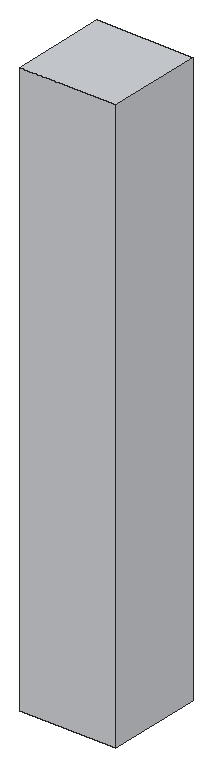
Revit family
Parameters (values of type "18" x 18"")
  Assembly Code = "B1010200"
  Depth = 1' - 6"
  Material = none
  Offset Base = 0' - 0"
  Offset Top = 0' - 0"
  Width = 1' - 6"
Types (3): name | Depth | Width
  24" x 24" | 2' - 0" | 2' - 0"
  18" x 24" | 1' - 6" | 2' - 0"
  18" x 18" | 1' - 6" | 1' - 6"
Reference planes (in)
  plane 1: y = 0
  plane 2: z = 0
  plane 3: x = 0
  plane 4: z = 108
  plane 5: z = 0
Forms (in)
  Extrusion 1, solid, material <- "Material"
    sketch origin (0, 0, 0) x (1, 0, 0) y (0, 1, 0)
      loop
        line (-9, 9) -> (-9, -9) -> (9, -9) -> (9, 9) -> (-9, 9)
    from 0 to 108
Lines and regions (in)
  symbolic lines, style "InvisibleLines"
    curve 1: line (-9, 9, 0) -> (9, 9, 0)
    curve 2: line (-9, -9, 0) -> (-9, 9, 0)
    curve 3: line (9, -9, 0) -> (-9, -9, 0)
    curve 4: line (9, 9, 0) -> (9, -9, 0)
Dimensions and locks (in)
  "Offset Base": plane 5 to level
  "Offset Top": level to plane 4
  "Width": curve 2 to curve 4
  "Depth": curve 1 to curve 3
  equal spacing: curve 3, plane 1, curve 1
  equal spacing: curve 2, plane 3, curve 4
  aligned and locked: Extrusion 1 to plane 5
  aligned and locked: plane 4 to Extrusion 1
  aligned and locked: Extrusion 1 sketch curve to curve 1  (x3)
  aligned and locked: Extrusion 1 sketch curve to curve 2
